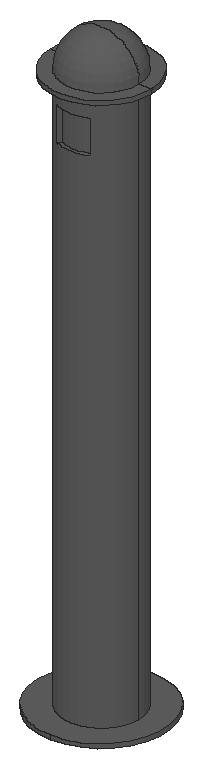
Revit family
Parameters (values of type "SP3-1000-SM")
  URL = "http://www.sitescapesonline.com/index.asp"
  Type Comments = "Bollard Style Ash Urn, Surface Mount"
  Tubing Height = Height - 0' 2 1/2"  # 2' - 9 5/8"
  Surface Mount = yes
  Model = "SP3-1000-SM"
  Manufacturer = "SiteScapes Inc."  # constant formula
  Has Surface Plate = yes
  Embedded Mount = no
  Diameter = 0' - 4 1/2"
  Product Page URL = "http://www.sitescapesonline.com/smoking-post-bollard.asp"
  Product Documentation Link = "http://www.sitescapesonline.com/PDF/SP3-1000-SM%20-%20Customer%20Print.PDF"
  Material = Steel - SiteScapes - Powder Coat - Onyx
  Height = 3' - 0 1/8"
  Description = "Ash Urn, Surface Mount"
  Copyright © = "2010 SiteScapes Inc."  # constant formula
  Assembly Code = ""
Types (2): name | Type Comments | Tubing Height | Surface Mount | Model | Has Surface Plate | Embedded Mount | Product Documentation Link | Height | Description
  SP3-1000-EM | "Bollard Style Ash Urn, Embedded Mount" | 2' - 9 3/8" | no | "SP3-1000-EM" | no | yes | "http://www.sitescapesonline.com/PDF/SP3-1000-EM%20-%20Customer%20Print.PDF" | 2' - 11 7/8" | "Ash Urn, Embedded Mount"
  SP3-1000-SM | "Bollard Style Ash Urn, Surface Mount" | 2' - 9 5/8" | yes | "SP3-1000-SM" | yes | no | "http://www.sitescapesonline.com/PDF/SP3-1000-SM%20-%20Customer%20Print.PDF" | 3' - 0 1/8" | "Ash Urn, Surface Mount"
Reference planes (in)
  plane 1 "Center (Front/Back)": y = 0
  plane 2 "Original Bottom": z = 0
  plane 3 "Center (Left/Right)": x = 0
  plane 4 "Left": x = -2.25
  plane 5 "Right": x = 2.25
  plane 6 "Front": y = -2.25
  plane 7 "Top": z = 36.125
  plane 8 "Back": y = 2.25
  plane 9 "Cap Bottom": z = 33.625
Dimensions and locks (in)
  equal spacing: plane 4 "Left", plane 3 "Center (Left/Right)", plane 5 "Right"
  "Diameter": plane 4 "Left" to plane 5 "Right"
  "Height": plane 7 "Top" to plane 2 "Original Bottom"
  equal spacing: plane 8 "Back", plane 1 "Center (Front/Back)", plane 6 "Front"
  "Diameter": plane 6 "Front" to plane 8 "Back"
  "Tubing Height": plane 9 "Cap Bottom" to plane 2 "Original Bottom"
  aligned and locked: plane 2 "Original Bottom" to level
  aligned and locked: plane 3 "Center (Left/Right)" to nested 1
  aligned and locked: plane 3 "Center (Left/Right)" to nested 2
  aligned and locked: plane 1 "Center (Front/Back)" to nested 2
  aligned: plane 7 "Top" to nested 2
  aligned and locked: plane 9 "Cap Bottom" to nested 2
  aligned and locked: plane 7 "Top" to nested 2
Nested families (in)
  nested 1: "Tubing-SiteScapes-Stainless_Steel_Tubing" at (0, 0, 0), type "Smoking Post"
    with Surface Mount yes, Has Surface Plate yes, Embedded Mount no, Embedded Height 0' - 0", Height 2' - 9 5/8"
  nested 2: "Rim_Cap-SiteScapes-Circular" at (0, 0, 33.625), type "6""
Definition of nested family "Tubing-SiteScapes-Stainless_Steel_Tubing"
  Parameters (values of type "Smoking Post")
    Surface Mount = no
    Plate Diameter = 0' - 7 1/2"
    Has Surface Plate = no
    Embedded Height = if(Embedded Mount, 0' 8", 0' 0")  # 0' - 8"
    Embedded Mount = yes
    Diameter = 0' - 4 1/2"
    URL = "http://www.sitescapesonline.com/index.asp"
    Product Page URL = "http://www.sitescapesonline.com/index.asp"
    Product Documentation Link = ""
    Opening Top Offset = 0' - 1 1/8"
    Opening Height = 0' - 2"
    Material = Steel - SiteScapes - Powder Coat - Onyx
    Manufacturer = "SiteScapes Inc."  # constant formula
    Height = 2' - 9 3/8"
    Copyright © = "2010 SiteScapes Inc."  # constant formula
    Assembly Code = ""
  Reference planes (in)
    plane 1 "Center (Front/Back)": y = 0
    plane 2 "Original Bottom": z = 0
    plane 3 "Center (Left/Right)": x = 0
    plane 4 "Left": x = -2.25
    plane 5 "Right": x = 2.25
    plane 6 "Top": z = 33.375
    plane 7 "Front": y = -2.25
    plane 8 "Back": y = 2.25
    plane 9 "Opening Bottom": z = 30.25
    plane 10 "Opening Top": z = 32.25
    plane 11 "Opening Left": x = -1
    plane 12 "Opening Right": x = 1
    plane 13 "Plate Right": x = 3.75
    plane 14 "Plate Left": x = -3.75
    plane 15 "Plate Back": y = 3.75
    plane 16 "Plate Front": y = -3.75
    plane 17 "Plate Top": z = 0.25
    plane 18 "Below Grade": z = -8
  Forms (in)
    Revolve 1, solid, material "Steel - SiteScapes - Powder Coat - Onyx" <- "Material", detail levels medium+fine
      sketch origin (0, 0, 0) x (1, 0, 0) y (0, 0, 1)
        loop
          line (0, 33.375) -> (0, -8) -> (2.25, -8) -> (2.25, 33.375) -> (0, 33.375)
        axis (0, -8) -> (0, 33.375)
      angle from 0 to 360
    Sweep 2, void, detail levels fine
      path origin (0, 0, 0) x (1, 0, 0) y (0, 1, 0)
        loop
          arc (-1, -2.01556) -> (0, -2.25) -> (1, -2.01556) r 2.25
      profile origin (0, -2.25, 0) x (0, 1, 0) y (0, 0, 1)
        loop
          line (0, 32.25) -> (0, 30.25) -> (0.25, 30.25) -> (0.25, 32.25) -> (0, 32.25)
    Extrusion 3, solid, material "Steel - SiteScapes - Powder Coat - Onyx" <- "Material", visible <- "Has Surface Plate", detail levels medium+fine
      sketch origin (0, 0, 33.375) x (-1, 0, 0) y (0, -1, 0)
        loop
          circle (0.00009, 0) r 3.75
      from -33.375 to -33.125
  Cuts and joins
    Sweep 2 cuts Revolve 1
  Lines and regions (in)
    Masking region 1, detail levels medium+fine
      outline origin (0, 0, 33.375) x (-1, 0, 0) y (0, -1, 0)
        loop
          circle (0, 0) r 2.25
    Masking region 2
      outline origin (0, 0, 0) x (1, 0, 0) y (0, 0, 1)
        loop
          line (-2.25, 33.375) -> (-2.25, -8) -> (2.25, -8) -> (2.25, 33.375) -> (-2.25, 33.375)
    Masking region 3, visible <- "Surface Mount"
      outline origin (0, 0, 0) x (0, 1, 0) y (0, 0, 1)
        loop
          line (-2.25, 33.375) -> (-2.25, 0) -> (2.25, 0) -> (2.25, 33.375) -> (-2.25, 33.375)
    Masking region 4, visible <- "Has Surface Plate"
      outline origin (0, 0, 0.25) x (-1, 0, 0) y (0, -1, 0)
        loop
          circle (0.00019, 0) r 3.75
    Masking region 5, visible <- "Has Surface Plate", detail levels medium+fine
      outline origin (0, 2.25, 0) x (-1, 0, 0) y (0, 0, 1)
        loop
          line (3.75, 0.25) -> (-3.75, 0.25) -> (-3.75, 0) -> (3.75, 0) -> (3.75, 0.25)
    Masking region 6, visible <- "Has Surface Plate", detail levels medium+fine
      outline origin (0, 0, 0) x (0, 1, 0) y (0, 0, 1)
        loop
          line (-3.75, 0.25) -> (-3.75, 0) -> (3.75, 0) -> (3.75, 0.25) -> (-3.75, 0.25)
    Masking region 7, visible <- "Embedded Mount"
      outline origin (0, -18, 0) x (0, 1, 0) y (0, 0, 1)
        loop
          line (15.75, 33.375) -> (15.75, -8) -> (20.25, -8) -> (20.25, 33.375) -> (15.75, 33.375)
    symbolic lines, style "Bollard", detail levels fine
      curve 1: line (-1, -2.25, 32.25) -> (1, -2.25, 32.25)
      curve 2: line (-1, -2.25, 30.25) -> (-1, -2.25, 32.25)
      curve 3: line (1, -2.25, 30.25) -> (-1, -2.25, 30.25)
      curve 4: line (1, -2.25, 32.25) -> (1, -2.25, 30.25)
      curve 5: line (0, -2.25, 32.25) -> (0, -2.01556, 32.25)
      curve 6: line (0, -2.25, 30.25) -> (0, -2.25, 32.25)
      curve 7: line (0, -2.01556, 30.25) -> (0, -2.25, 30.25)
      curve 8: line (0, -2.01556, 32.25) -> (0, -2.01556, 30.25)
    model lines, style "Bollard", detail levels coarse
      curve 9: line (-2.25, 0, -8) -> (-2.25, 0, 33.375)
      curve 10: line (2.25, 0, -8) -> (2.25, 0, 33.375)
      curve 11: line (0, -2.25, -8) -> (0, -2.25, 33.375)
      curve 12: line (0, 2.25, -8) -> (0, 2.25, 33.375)
      curve 13: circle (0, 0, 33.375) r 2.25 normal (0, 0, 1)
      curve 14: circle (0, 0, -8) r 2.25 normal (0, 0, 1)
    model lines, style "Bollard", visible <- "Has Surface Plate", detail levels coarse+fine
      curve 15: circle (-0.00019, 0, 0.25) r 3.75 normal (0, 0, 1)
  Dimensions and locks (in)
    equal spacing: plane 4 "Left", plane 3 "Center (Left/Right)", plane 5 "Right"
    "Diameter": plane 4 "Left" to plane 5 "Right"
    "Height": plane 6 "Top" to plane 2 "Original Bottom"
    equal spacing: plane 8 "Back", plane 1 "Center (Front/Back)", plane 7 "Front"
    "Diameter": plane 8 "Back" to plane 7 "Front"
    "Opening Top Offset": plane 10 "Opening Top" to plane 6 "Top"
    "Opening Height": plane 9 "Opening Bottom" to plane 10 "Opening Top"
    equal spacing: plane 11 "Opening Left", plane 3 "Center (Left/Right)", plane 12 "Opening Right"
    "Opening Height": plane 11 "Opening Left" to plane 12 "Opening Right"
    locked: plane 7 "Front" to Sweep 2 sketch curve at 0.25
    equal spacing: plane 16 "Plate Front", plane 1 "Center (Front/Back)", plane 15 "Plate Back"
    equal spacing: plane 14 "Plate Left", plane 3 "Center (Left/Right)", plane 13 "Plate Right"
    "Plate Diameter": plane 15 "Plate Back" to plane 16 "Plate Front"
    "Plate Diameter": plane 14 "Plate Left" to plane 13 "Plate Right"
    locked: plane 17 "Plate Top" to plane 2 "Original Bottom" at 0.25
    "Embedded Height": plane 2 "Original Bottom" to plane 18 "Below Grade"
    aligned and locked: plane 2 "Original Bottom" to level
    aligned and locked: plane 5 "Right" to Masking region 2
    aligned and locked: plane 4 "Left" to Masking region 2
    aligned: Masking region 2 to plane 2 "Original Bottom"
    aligned and locked: plane 6 "Top" to Masking region 2
    aligned: plane 12 "Opening Right" to Masking region 2
    aligned: Masking region 2 to plane 11 "Opening Left"
    aligned and locked: Masking region 3 sketch curve to plane 8 "Back"
    aligned and locked: Masking region 3 sketch curve to plane 6 "Top"
    aligned and locked: plane 2 "Original Bottom" to Masking region 3 sketch curve
    aligned and locked: plane 7 "Front" to Masking region 3 sketch curve
    aligned and locked: plane 3 "Center (Left/Right)" to Masking region 1 sketch curve  (x2)
    aligned and locked: plane 7 "Front" to Masking region 1 sketch curve
    aligned and locked: plane 8 "Back" to Masking region 1 sketch curve
    aligned and locked: plane 6 "Top" to Revolve 1 sketch curve
    aligned and locked: plane 2 "Original Bottom" to Revolve 1 sketch curve
    aligned and locked: plane 3 "Center (Left/Right)" to Revolve 1 sketch curve  (x2)
    aligned and locked: Revolve 1 sketch curve to plane 6 "Top"
    aligned and locked: Revolve 1 sketch curve to plane 5 "Right"
    aligned and locked: plane 11 "Opening Left" to Sweep 2 sketch curve
    aligned and locked: plane 12 "Opening Right" to Sweep 2 sketch curve
    aligned and locked: Sweep 2 sketch curve to Masking region 1
    aligned and locked: Sweep 2 sketch curve to plane 10 "Opening Top"
    aligned and locked: plane 9 "Opening Bottom" to Sweep 2 sketch curve
    aligned and locked: plane 7 "Front" to Sweep 2 sketch curve
    aligned and locked: curve 2 to plane 11 "Opening Left"
    aligned and locked: plane 9 "Opening Bottom" to curve 3
    aligned and locked: plane 12 "Opening Right" to curve 4
    aligned and locked: curve 1 to plane 10 "Opening Top"
    aligned and locked: curve 8 to cut or joined group of Revolve 1, Sweep 2
    aligned and locked: plane 7 "Front" to curve 6
    aligned and locked: plane 6 "Top" to curve 9
    aligned and locked: curve 9 to plane 1 "Center (Front/Back)"
    aligned and locked: plane 6 "Top" to curve 10
    aligned and locked: curve 10 to plane 1 "Center (Front/Back)"
    aligned and locked: plane 6 "Top" to curve 11
    aligned and locked: plane 6 "Top" to curve 12
    aligned and locked: plane 3 "Center (Left/Right)" to curve 11
    aligned and locked: plane 3 "Center (Left/Right)" to curve 12
    aligned and locked: curve 13 to cut or joined group of Revolve 1, Sweep 2
    aligned and locked: curve 14 to cut or joined group of Revolve 1, Sweep 2
    aligned and locked: plane 16 "Plate Front" to Extrusion 3 sketch curve
    aligned and locked: plane 3 "Center (Left/Right)" to Extrusion 3 sketch curve
    aligned and locked: plane 15 "Plate Back" to Extrusion 3 sketch curve
    aligned and locked: Extrusion 3 to plane 2 "Original Bottom"
    aligned and locked: plane 17 "Plate Top" to Extrusion 3
    aligned and locked: Masking region 4 sketch curve to Extrusion 3
    aligned and locked: curve 15 to Extrusion 3
    aligned and locked: Masking region 5 sketch curve to plane 17 "Plate Top"
    aligned and locked: plane 2 "Original Bottom" to Masking region 5 sketch curve
    aligned and locked: Masking region 5 sketch curve to plane 13 "Plate Right"
    aligned and locked: Masking region 5 sketch curve to plane 14 "Plate Left"
    aligned and locked: Masking region 6 sketch curve to plane 16 "Plate Front"
    aligned and locked: Masking region 6 sketch curve to plane 15 "Plate Back"
    aligned and locked: Masking region 6 sketch curve to plane 17 "Plate Top"
    aligned and locked: plane 2 "Original Bottom" to Masking region 6 sketch curve
    aligned and locked: plane 18 "Below Grade" to Masking region 7
    aligned and locked: Masking region 7 to plane 6 "Top"
    aligned and locked: Masking region 7 to plane 8 "Back"
    aligned and locked: plane 7 "Front" to Masking region 7
    aligned and locked: plane 18 "Below Grade" to Masking region 2 sketch curve
    aligned and locked: Masking region 2 sketch curve to plane 5 "Right"
    aligned and locked: Masking region 2 sketch curve to plane 4 "Left"
    aligned and locked: Masking region 2 sketch curve to plane 6 "Top"
    aligned and locked: plane 18 "Below Grade" to Revolve 1 sketch curve
    aligned and locked: plane 18 "Below Grade" to curve 10
    aligned and locked: plane 18 "Below Grade" to curve 9
    aligned and locked: plane 18 "Below Grade" to curve 11
    aligned and locked: plane 18 "Below Grade" to curve 12
  Automatic sketch dimensions
    curve 6 to plane 9 "Opening Bottom" = 0' - 0"
    curve 6 to plane 10 "Opening Top" = 0' - 0"
    Extrusion 3 sketch curve to plane 3 "Center (Left/Right)" = 0' - 0.00019"
    Masking region 7 sketch curve to level = 0' - 8"
    Masking region 7 sketch curve to plane 6 "Top" = 0' - 0"
    Masking region 7 sketch curve to plane 16 "Plate Front" = 0' - 1 1/2"
    Masking region 7 sketch curve to Masking region 7 sketch curve = 0' - 4 1/2"
Definition of nested family "Rim_Cap-SiteScapes-Circular"
  Parameters (values of type "6"")
    URL = "http://www.sitescapesonline.com/index.asp"
    Radius = Diameter / 2  # 0' - 3"
    Manufacturer = "SiteScapes Inc."  # constant formula
    Diameter = 0' - 6"
    Product Page URL = "http://www.sitescapesonline.com/index.asp"
    Product Documentation Link = ""
    Material = Steel - SiteScapes - Powder Coat - Onyx
    Height = 0' - 0 1/4"
    Copyright © = "2010 SiteScapes Inc."  # constant formula
    Assembly Code = ""
  Types (2): name | URL | Radius | Diameter | Product Page URL | Material
    6" | "http://www.sitescapesonline.com/index.asp" | 0' - 3" | 0' - 6" | "http://www.sitescapesonline.com/index.asp" | Steel - SiteScapes - Powder Coat - Onyx
    7 1/2" | "" | 0' - 3 3/4" | 0' - 7 1/2" | "" | none
  Reference planes (in)
    plane 1 "Center (Front/Back)": y = 0
    plane 2 "Original Bottom": z = 0
    plane 3 "Center (Left/Right)": x = 0
    plane 4 "Left": x = -3
    plane 5 "Right": x = 3
    plane 6 "Front": y = -3
    plane 7 "Top": z = 0.25
    plane 8 "Back": y = 3
    plane 9 "Cap Top": z = 2.5
    plane 10 "Bottom Middle": z = 0.125
    plane 11 "Top Middle": z = 1.375
    plane 12 "Cap Front": y = -2.25
    plane 13 "Cap Back": y = 2.25
    plane 14 "Cap Left": x = -2.25
    plane 15 "Cap Right": x = 2.25
  Forms (in)
    Revolve 1, solid, material "Steel - SiteScapes - Powder Coat - Onyx" <- "Material", detail levels medium+fine
      sketch origin (0, 0, 0) x (1, 0, 0) y (0, 0, 1)
        loop
          line (0, 0) -> (3, 0) -> (3, 0.25) -> (2.25, 0.25)
          arc (2.25, 0.25) -> (1.59099, 1.84099) -> (0, 2.5) r 2.25
          line (0, 2.5) -> (0, 0)
        axis (0, 0) -> (0, 2.5)
      angle from 0 to 360
  Lines and regions (in)
    Masking region 1, detail levels medium+fine
      outline origin (0, 0, 0) x (1, 0, 0) y (0, 0, 1)
        loop
          line (-3, 0.25) -> (-3, 0) -> (3, 0) -> (3, 0.25) -> (2.25, 0.25)
          arc (2.25, 0.25) -> (1.59114, 1.84114) -> (0, 2.5) r 2.24949
          arc (0, 2.5) -> (-1.59114, 1.84114) -> (-2.25, 0.25) r 2.24949
          line (-2.25, 0.25) -> (-3, 0.25)
    Masking region 2, detail levels medium+fine
      outline origin (0, 0, 0) x (0, 1, 0) y (0, 0, 1)
        loop
          line (-3, 0.25) -> (-3, 0) -> (3, 0) -> (3, 0.25) -> (2.25, 0.25)
          arc (2.25, 0.25) -> (1.58843, 1.82638) -> (0, 2.45849) r 2.20887
          arc (0, 2.45849) -> (-1.58843, 1.82638) -> (-2.25, 0.25) r 2.20887
          line (-2.25, 0.25) -> (-3, 0.25)
    Masking region 3, detail levels medium+fine
      outline origin (0, 0, 0.25) x (0, -1, 0) y (1, 0, 0)
        loop
          circle (0, 0) r 3
    Masking region 4, detail levels coarse
      outline origin (-0.25, 0, 0.5) x (1, 0, 0) y (0, 0, 1)
        loop
          line (-2, -0.25) -> (-2, -0.5) -> (2.5, -0.5) -> (2.5, -0.25)
          arc (2.5, -0.25) -> (1.84099, 1.34099) -> (0.25, 2) r 2.25
          arc (0.25, 2) -> (-1.34099, 1.34099) -> (-2, -0.25) r 2.25
    Masking region 5, detail levels coarse
      outline origin (0, -0.5, -0.5) x (0, 1, 0) y (0, 0, 1)
        loop
          line (-1.75, 0.75) -> (-1.75, 0.5) -> (2.75, 0.5) -> (2.75, 0.75)
          arc (2.75, 0.75) -> (2.09099, 2.34099) -> (0.5, 3) r 2.25
          arc (0.5, 3) -> (-1.09099, 2.34099) -> (-1.75, 0.75) r 2.25
    model lines, style "Post Cap", detail levels coarse
      curve 1: circle (0, 0, 0) r 3 normal (0, 0, 1)
      curve 4: arc (-2.25, 0, 0.25) -> (-1.59099, 0, 1.84099) -> (0, 0, 2.5) r 2.25
      curve 5: arc (0, 0, 2.5) -> (1.59099, 0, 1.84099) -> (2.25, 0, 0.25) r 2.25
      curve 6: arc (0, -2.25, 0.25) -> (0, -1.59105, 1.84093) -> (0, -0.00017, 2.5) r 2.25
      curve 7: arc (0, -0.00017, 2.5) -> (0, 1.59093, 1.84105) -> (0, 2.25, 0.25) r 2.25
    symbolic lines, style "Post Cap", detail levels fine
      curve 2: circle (0, 0, 0.25) r 2.29159 normal (0, 0, -1)
      curve 8: line (-2.25, 0, 0.25) -> (2.25, 0, 0.25)
      curve 9: line (0, -2.25, 0.25) -> (0, 2.25, 0.25)
    model lines, style "Post Cap", detail levels coarse+fine
      curve 3: circle (0, 0, 0.25) r 2.29159 normal (0, 0, -1)
  Dimensions and locks (in)
    equal spacing: plane 4 "Left", plane 3 "Center (Left/Right)", plane 5 "Right"
    "Diameter": plane 4 "Left" to plane 5 "Right"
    "Height": plane 7 "Top" to plane 2 "Original Bottom"
    equal spacing: plane 8 "Back", plane 1 "Center (Front/Back)", plane 6 "Front"
    "Diameter": plane 6 "Front" to plane 8 "Back"
    equal spacing: plane 7 "Top", plane 10 "Bottom Middle", plane 2 "Original Bottom"
    plane 14 "Cap Left" to plane 15 "Cap Right" = 0' - 4 1/2"
    equal spacing: plane 14 "Cap Left", plane 3 "Center (Left/Right)", plane 15 "Cap Right"
    locked: plane 9 "Cap Top" to plane 11 "Top Middle" at 1.125
    locked: plane 11 "Top Middle" to plane 7 "Top" at 1.125
    plane 13 "Cap Back" to plane 12 "Cap Front" = 0' - 4 1/2"
    equal spacing: plane 12 "Cap Front", plane 1 "Center (Front/Back)", plane 13 "Cap Back"
    locked: plane 1 "Center (Front/Back)" to plane 13 "Cap Back" at 2.25
    aligned and locked: plane 2 "Original Bottom" to level
    aligned and locked: Masking region 1 sketch curve to plane 5 "Right"
    aligned and locked: Masking region 1 sketch curve to plane 4 "Left"
    aligned and locked: Masking region 1 sketch curve to plane 7 "Top"
    aligned and locked: plane 2 "Original Bottom" to Masking region 1 sketch curve
    aligned and locked: plane 6 "Front" to Masking region 2 sketch curve
    aligned and locked: Masking region 2 sketch curve to plane 7 "Top"
    aligned and locked: plane 8 "Back" to Masking region 2 sketch curve
    aligned and locked: plane 2 "Original Bottom" to Masking region 2 sketch curve
    aligned and locked: plane 1 "Center (Front/Back)" to Masking region 3 sketch curve  (x2)
    aligned and locked: plane 5 "Right" to Masking region 3 sketch curve
    aligned and locked: plane 4 "Left" to Masking region 3 sketch curve
    aligned and locked: plane 7 "Top" to Masking region 2 sketch curve  (x2)
    aligned and locked: plane 12 "Cap Front" to Masking region 2 sketch curve
    aligned and locked: plane 1 "Center (Front/Back)" to Masking region 2 sketch curve
    aligned and locked: plane 13 "Cap Back" to Masking region 2 sketch curve
    aligned and locked: plane 7 "Top" to Masking region 1 sketch curve  (x2)
    aligned and locked: plane 14 "Cap Left" to Masking region 1 sketch curve
    aligned and locked: plane 9 "Cap Top" to Masking region 1 sketch curve
    aligned and locked: plane 15 "Cap Right" to Masking region 1 sketch curve
    aligned and locked: plane 3 "Center (Left/Right)" to Masking region 1 sketch curve
    aligned and locked: plane 7 "Top" to curve 4
    aligned and locked: plane 7 "Top" to curve 5
    aligned and locked: plane 9 "Cap Top" to curve 4
    aligned and locked: plane 3 "Center (Left/Right)" to Revolve 1 sketch curve  (x3)
    aligned and locked: plane 9 "Cap Top" to Revolve 1 sketch curve  (x2)
    aligned and locked: plane 2 "Original Bottom" to Revolve 1 sketch curve  (x2)
    aligned and locked: Revolve 1 sketch curve to plane 5 "Right"
    aligned and locked: plane 15 "Cap Right" to Revolve 1 sketch curve
    aligned and locked: plane 7 "Top" to Revolve 1 sketch curve
    aligned and locked: plane 7 "Top" to curve 7
    aligned and locked: plane 9 "Cap Top" to curve 6
    aligned and locked: curve 1 to Revolve 1
    aligned and locked: plane 9 "Cap Top" to Masking region 4 sketch curve
    aligned and locked: plane 3 "Center (Left/Right)" to Masking region 4 sketch curve
    aligned and locked: plane 7 "Top" to Masking region 4 sketch curve  (x2)
    aligned and locked: plane 15 "Cap Right" to Masking region 4 sketch curve
    aligned and locked: Masking region 4 sketch curve to plane 15 "Cap Right"
    aligned and locked: Masking region 4 sketch curve to plane 2 "Original Bottom"
    aligned and locked: plane 14 "Cap Left" to Masking region 4 sketch curve
    aligned and locked: plane 7 "Top" to Masking region 5 sketch curve  (x2)
    aligned and locked: plane 12 "Cap Front" to Masking region 5 sketch curve
    aligned and locked: plane 13 "Cap Back" to Masking region 5 sketch curve  (x2)
    aligned and locked: plane 1 "Center (Front/Back)" to Masking region 5 sketch curve
    aligned and locked: plane 9 "Cap Top" to Masking region 5 sketch curve
    aligned and locked: Masking region 5 sketch curve to plane 2 "Original Bottom"
    aligned and locked: plane 15 "Cap Right" to curve 8
    aligned and locked: plane 14 "Cap Left" to curve 8
    aligned and locked: plane 12 "Cap Front" to curve 9
    aligned and locked: plane 13 "Cap Back" to curve 9
    aligned and locked: curve 9 to plane 7 "Top"
  Automatic sketch dimensions
    plane 1 "Center (Front/Back)" to Masking region 2 sketch curve = 0' - 0.04113"
    plane 7 "Top" to Masking region 1 sketch curve = 0' - 0.00051"  (x2)
    curve 2 to curve 3 = 0' - 0"  (x2)
    plane 1 "Center (Front/Back)" to curve 3 = 0' - 0"
    curve 3 to plane 3 "Center (Left/Right)" = 0' - 0"
    curve 6 to curve 7 = 0' - 0"
    radius of curve 2 = 0' - 2.29159"
    radius of curve 3 = 0' - 2.29159"
